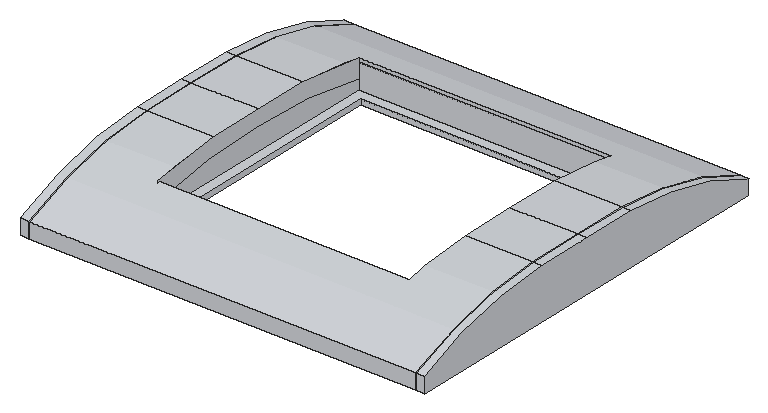
Revit family "Gira_0211326", category Electrical Fixtures, host Face, Revit 2017
Family settings
  Host = Face
  Maintain Annotation Orientation = No
  Round Connector Dimension = Use Diameter
  Part Type = Normal
  Cut with Voids When Loaded = No
  Shared = No
  Room Calculation Point = No
Parameters (values of type "Abdeckrahmen 1f Zwischenr. RW Gira Event F Alu")
  Werkstoffgüte = "Thermoplast"
  Werkstoff = "Kunststoff"
  URL = "http://katalog.gira.de/de_DE/datenblatt.html?artikelnr=0211326"
  Transparent = "No"
  Textfeld/Beschriftungsfläche = "No"
  Schutzart (IP) = "IP20"
  Region = "DE"
  Oberfläche = "sonstige"
  Name = "Abdeckrahmen 1f Zwischenr. RW Gira Event F Alu"
  Montagerichtung = "horizontal und vertikal"
  Mit Montagerahmen = "No"
  Mit Klappdeckel = "No"
  Manufacturer URL = "https://www.gira.de/"
  Keynote = "Event_Rahmen_1fach"
  HeinzeBIM = "https://bimportal.heinze.de/bim/abdeckrahmen-1f-zwischenr-rw-gira-event-f-alu/b3186e9926dcfaf2ba03b29e5f59355c4439b829"
  Halogenfrei = "Yes"
  HAN = "0211326"
  Geeignet für Unterputz-Installation = "Yes"
  Geeignet für Unterflurkanaldose = "No"
  Geeignet für Geräteeinbaukanal = "No"
  Geeignet für Einbauinstallation = "No"
  GTIN = "4010337074311"
  Farbe = "aluminium"
  Default Elevation = 1219.2 mm
  Data sheet (1) = "https://katalog.gira.de/de_DE/download.html?artikelnr=0211326"
  Category = "Abdeckrahmen"
  Befestigungsart = "Klemmbefestigung"
  Available = "Yes"
  Anzahl der Einheiten vertikal = "1 "
  Anzahl der Einheiten horizontal = "1 "
  Anzahl der Einheiten = "1 "
Reference planes
  plane 1 "Center (Front/Back)": y = 0
  plane 2: z = 0
  plane 3 "Center (Left/Right)": x = 0
Forms (mm)
  Extrusion 1, solid, detail levels fine
    sketch origin (0, 0, 1.55) x (0, 1, 0) y (0, 0, 1)
      loop
        arc (12.445, 9.683) -> (6.223, 9.833) -> (0, 9.85) r 291.636
        arc (0, 9.85) -> (-6.223, 9.833) -> (-12.445, 9.683) r 291.636
        arc (-12.445, 9.683) -> (-29.14, 7.482) -> (-45, 1.823) r 79.728
        line (-45, 1.823) -> (-45, -1.55) -> (-41.777, -1.55) -> (-41.777, -0.55)
        arc (-41.777, -0.55) -> (-21.205, 4.846) -> (0, 6.467) r 118.15
        arc (0, 6.467) -> (21.205, 4.846) -> (41.777, -0.55) r 118.15
        line (41.777, -0.55) -> (41.777, -1.55) -> (45, -1.55) -> (45, 1.823)
        arc (45, 1.823) -> (29.14, 7.482) -> (12.445, 9.683) r 79.728
    from -43 to 43
  Extrusion 2, void, detail levels fine
    sketch origin (0, 0, 0) x (1, 0, 0) y (0, 1, 0)
      loop
        line (-28, -28) -> (28, -28) -> (28, 28) -> (-28, 28) -> (-28, -28)
    from 2.85 to 12
  Extrusion 3, solid, detail levels coarse
    sketch origin (0, 0, 0) x (1, 0, 0) y (0, 1, 0)
      loop
        line (-45, 45) -> (-45, -45) -> (45, -45) -> (45, 45) -> (-45, 45)
    from 0 to 11.4
  Extrusion 4, solid, detail levels medium
    sketch origin (0, 0, 1.55) x (0, 1, 0) y (0, 0, 1)
      loop
        arc (12.445, 9.683) -> (6.223, 9.833) -> (0, 9.85) r 291.636
        arc (0, 9.85) -> (-6.223, 9.833) -> (-12.445, 9.683) r 291.636
        arc (-12.445, 9.683) -> (-29.14, 7.482) -> (-45, 1.823) r 79.728
        line (-45, 1.823) -> (-45, -1.55) -> (45, -1.55) -> (45, 1.823)
        arc (45, 1.823) -> (29.14, 7.482) -> (12.445, 9.683) r 79.728
    from -45 to 45
  Extrusion 5, solid, detail levels fine
    sketch origin (0, 0, 0) x (0, 1, 0) y (0, 0, 1)
      loop
        arc (45, 3.373) -> (29.14, 9.032) -> (12.445, 11.233) r 79.728
        arc (12.445, 11.233) -> (6.223, 11.383) -> (0, 11.4) r 291.636
        arc (0, 11.4) -> (-6.223, 11.383) -> (-12.445, 11.233) r 291.636
        arc (-12.445, 11.233) -> (-29.14, 9.032) -> (-45, 3.373) r 79.728
        line (-45, 3.373) -> (-45, 0) -> (45, 0) -> (45, 3.373)
    from 43 to 45
  Extrusion 6, solid, detail levels fine
    sketch origin (0, 0, 0) x (0, 1, 0) y (0, 0, -1)
      loop
        line (45, -3.373) -> (45, 0) -> (-45, 0) -> (-45, -3.373)
        arc (-45, -3.373) -> (-29.14, -9.032) -> (-12.445, -11.233) r 79.728
        arc (-12.445, -11.233) -> (-6.223, -11.383) -> (0, -11.4) r 291.636
        arc (0, -11.4) -> (6.223, -11.383) -> (12.445, -11.233) r 291.636
        arc (12.445, -11.233) -> (29.14, -9.032) -> (45, -3.373) r 79.728
    from 43 to 45
  Extrusion 7, solid, detail levels fine
    sketch origin (0, 0, 0) x (1, 0, 0) y (0, 1, 0)
      loop
        line (-25.7, 25.7) -> (-25.7, -25.7) -> (25.7, -25.7) -> (25.7, 25.7) -> (-25.7, 25.7)
      loop
        line (-29.495, 27.895) -> (-29.495, -27.895)
        spline (-29.495, -27.895) -> (-29.486, -28.025) -> (-29.461, -28.154) -> (-29.419, -28.278) -> (-29.361, -28.395) -> (-29.288, -28.504) -> (-29.202, -28.602) -> (-29.104, -28.688) -> (-28.995, -28.761) -> (-28.878, -28.819) -> (-28.754, -28.861) -> (-28.625, -28.886) -> (-28.495, -28.895)
        line (-28.495, -28.895) -> (28.495, -28.895)
        spline (28.495, -28.895) -> (28.625, -28.886) -> (28.754, -28.861) -> (28.878, -28.819) -> (28.995, -28.761) -> (29.104, -28.688) -> (29.202, -28.602) -> (29.288, -28.504) -> (29.361, -28.395) -> (29.419, -28.278) -> (29.461, -28.154) -> (29.486, -28.025) -> (29.495, -27.895)
        line (29.495, -27.895) -> (29.495, 27.895)
        spline (29.495, 27.895) -> (29.486, 28.025) -> (29.461, 28.154) -> (29.419, 28.278) -> (29.361, 28.395) -> (29.288, 28.504) -> (29.202, 28.602) -> (29.104, 28.688) -> (28.995, 28.761) -> (28.878, 28.819) -> (28.754, 28.861) -> (28.625, 28.886) -> (28.495, 28.895)
        line (28.495, 28.895) -> (-28.495, 28.895)
        spline (-28.495, 28.895) -> (-28.625, 28.886) -> (-28.754, 28.861) -> (-28.878, 28.819) -> (-28.995, 28.761) -> (-29.104, 28.688) -> (-29.202, 28.602) -> (-29.288, 28.504) -> (-29.361, 28.395) -> (-29.419, 28.278) -> (-29.461, 28.154) -> (-29.486, 28.025) -> (-29.495, 27.895)
    from 1.673 to 8.5
Cuts and joins
  Extrusion 2 cuts Extrusion 1
  Extrusion 2 cuts Extrusion 7
Dimensions and locks
  aligned and locked: plane 2 to host face
  aligned and locked: level to host face
